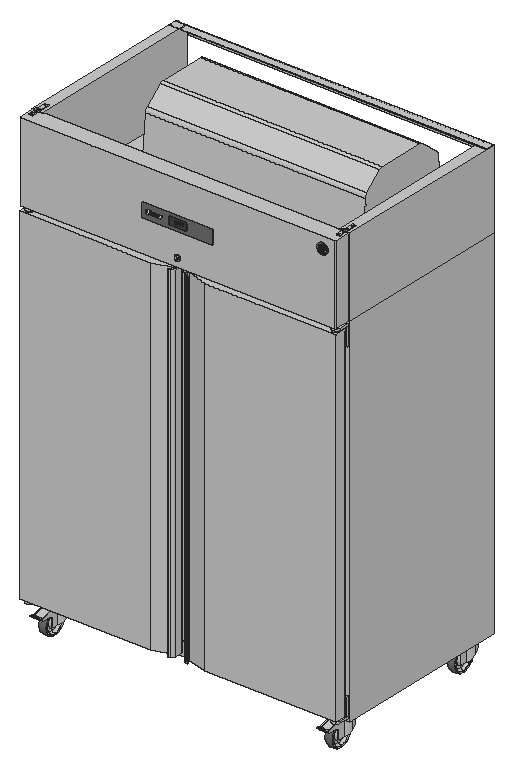
Revit family "QF_HOSHIZAKI_133142090", category Specialty Equipment, Revit 2016
Family settings
  Part Type = Normal
  Round Connector Dimension = Use Diameter
  OmniClass Number = 23.40.40.14
  OmniClass Title = Food Service Equipment
  Work Plane-Based = No
  Always vertical = Yes
  Cut with Voids When Loaded = No
  Shared = No
  Room Calculation Point = No
Parameters (values of type "133142090_230V/1Ph/50Hz")
  Weight = 183.00 kg
  Volts = 230 V
  URL Cutsheet = ""
  URL = "www.hoshizaki-europe.com"
  Status [instance] = ""
  Specification by User [instance] = ""
  Specification by Manufacturer [instance] = ""
  Serial Number = ""
  Seismic Rating = ""
  SMACNA No = ""
  Revision Code [instance] = ""
  Phase = 1
  Number of Poles = 2
  NAFEM Spec ID Number = ""
  Model = "ADVANCE F 140-4 C U"
  Min Ckt Ampacity = 0 A
  Max Overcurrent Protection = 0 A
  Masterspec = ""
  Manufacturer = "HOSHIZAKI"
  Length Actual = 1344 mm
  Item Number [instance] = ""
  Installed By [instance] = ""
  Identify Quantity as Lot [instance] = no
  Height Actual = 2000 mm
  HP power = ""
  Furnished By [instance] = ""
  Foodservice Equipment Identifier [instance] = yes
  FL Amps = 46.08 A
  Electric power = 10600 W
  Electric Connection Type [instance] = ""
  Elec Conn RI Height [instance] = 0 mm
  Elec Conn Connection Height [instance] = 1550 mm
  Description = "ADVANCE DOUBLE DOOR FREEZER, 2/1 DEEP, AISI430 STAINLESS STEEL EXTERIOR AND INTERIOR, HC NATURAL REFRIGERANT, CASTORS"
  Depth Actual = 830 mm
  Cycle = 50 Hz
  Cost = 0
  Conn Plug = ""
  Conn Conduit = no
  CSI MasterFormat = ""
  Assembly Code = "E1090320"
  Apparent Power = 10600 VA
  Accessory = no
Reference planes
  plane 1 "Center (Front/Back)": y = 0
  plane 2: z = 0
  plane 3 "Center (Left/Right)": x = 0
Forms (mm)
  Extrusion 1, solid, not visible
    sketch origin (1314, -2, 1674) x (1, 0, 0) y (0, 1, 0)
      loop
        line (0, 0) -> (2, 0) -> (2, 2) -> (0, 2) -> (0, 0)
    from 0 to 2
Dimensions and locks
  aligned and locked: level to plane 2
Nested families
  nested 1: "QF_HOSHIZAKI_133142090_230V_1Ph_50Hz" at (0, 0, 125), type "133142090_230V/1Ph/50Hz"
    with Show Logo yes, Show Clearance yes
  nested 2: "QF_HOSHIZAKI_PRE_ADV_CASTORS" at (0, 0, 0), type "760660022-1344X830"
Connectors
  electrical at (1315, 0, 1675), driven by "Apparent Power", driven by "Number of Poles", driven by "Volts"
    settings: on Extrusion 1, index 1, voltage 230 V, apparent load 0 VA, apparent load phase1 10600 VA, apparent load phase2 0 VA, apparent load phase3 0 VA, power factor 1, load classification "Other", number of poles 2, system type 31, power factor state 1, is connector primary yes, connector utility no, sub classification motor no, connector description "Electric connection for '133142090'"
Definition of nested family "QF_HOSHIZAKI_133142090_230V_1Ph_50Hz"
  Parameters (values of type "133142090_230V/1Ph/50Hz")
    URL = "www.hoshizaki-europe.com"
    Show Logo [instance] = yes
    Show Clearance [instance] = yes
    Model = "ADVANCE F 140-4 C U"
    Manufacturer = "HOSHIZAKI"
    Description = "ADVANCE DOUBLE DOOR FREEZER, 2/1 DEEP, AISI 304 STAINLESS STEEL EXTERIOR AND INTERIOR, HC NATURAL REFRIGERANT, CASTORS"
    Assembly Code = "E1090320"
  Types (6, lengths in mm): name | Model | Description
    131141070 | "ADVANCE K 140-4 L" | "ADVANCE DOUBLE DOOR REFRIGERATOR, 2/1 GN DEEP, AISI 304 STAINLESS STEEL EXTERIOR AND INTERIOR, HC NATURAL REFRIGERANT, LEGS"
    133141070 | "ADVANCE F 140-4 L" | "ADVANCE DOUBLE DOOR FREEZER, 2/1 DEEP, AISI 304 STAINLESS STEEL EXTERIOR AND INTERIOR, HC NATURAL REFRIGERANT, LEGS"
    123142070 | "ADVANCE F 140-3 C" | "ADVANCE DOUBLE DOOR FREEZER, 2/1 DEEP, AISI 403 STAINLESS STEEL EXTERIOR AND INTERIOR, HC NATURAL REFRIGERANT, CASTORS"
    131142090 | "ADVANCE K 140-4 C U" | "ADVANCE DOUBLE DOOR REFRIGERATOR, 2/1 GN DEEP, AISI 304 STAINLESS STEEL EXTERIOR AND INTERIOR, HC NATURAL REFRIGERANT, CASTORS"
    133142090_230V/1Ph/50Hz | "ADVANCE F 140-4 C U" | "ADVANCE DOUBLE DOOR FREEZER, 2/1 DEEP, AISI 304 STAINLESS STEEL EXTERIOR AND INTERIOR, HC NATURAL REFRIGERANT, CASTORS"
    12142070 | "ADVANCE K 140-3 C" | "ADVANCE DOUBLE DOOR REFRIGERATOR, 2/1 GN DEEP, AISI 403 STAINLESS STEEL EXTERIOR AND INTERIOR, HC NATURAL REFRIGERANT, CASTORS"
  Reference planes
    plane 1 "Back": y = 0
    plane 2: z = 0
    plane 3 "Left": x = 0
    plane 4 "Right": x = 1344
    plane 5 "Front": y = -830.03
    plane 6 "Top": z = 1850
  Forms (mm)
    Extrusion 1, solid
      sketch origin (653.43, 17.68, 1850) x (1, 0, 0) y (0, 1, 0)
        loop
          line (675.57, -773.038) -> (675.57, -726.21) -> (660.57, -726.21) -> (660.57, -773.038) -> (675.57, -773.038)
        loop
          circle (668.07, -734.247) r 1.711
        loop
          circle (668.07, -765.001) r 1.711
      from 0 to 2
    Extrusion 2, solid
      sketch origin (653.43, -41.179, 1850) x (1, 0, 0) y (0, 1, 0)
        loop
          line (675.57, -752.351) -> (675.57, -720.851) -> (660.57, -720.851) -> (660.57, -752.351) -> (675.57, -752.351)
        loop
          circle (668.07, -727.851) r 1.711
        loop
          circle (668.07, -745.351) r 1.711
      from 0 to 2
    Extrusion 3, solid
      sketch origin (1314, 17.68, -100.1) x (0, 1, 0) y (0, 0, 1)
        loop
          arc (-776.21, 1952.1) -> (-777.016, 1954.865) -> (-774.851, 1952.966) r 1.5
          line (-774.851, 1952.966) -> (-772.968, 1952.281)
          arc (-772.968, 1952.281) -> (-778.164, 1956.504) -> (-776.21, 1950.1) r 3.5
          line (-776.21, 1950.1) -> (-773.038, 1950.1) -> (-773.038, 1952.1) -> (-776.21, 1952.1)
      from 0 to 15
    Extrusion 4, solid
      sketch origin (-645.57, 17.68, 1850) x (1, 0, 0) y (0, 1, 0)
        loop
          line (675.57, -773.038) -> (675.57, -726.21) -> (660.57, -726.21) -> (660.57, -773.038) -> (675.57, -773.038)
        loop
          circle (668.07, -734.247) r 1.711
        loop
          circle (668.07, -765.001) r 1.711
      from 0 to 2
    Extrusion 5, solid
      sketch origin (-645.57, -41.179, 1850) x (1, 0, 0) y (0, 1, 0)
        loop
          line (675.57, -752.351) -> (675.57, -720.851) -> (660.57, -720.851) -> (660.57, -752.351) -> (675.57, -752.351)
        loop
          circle (668.07, -727.851) r 1.711
        loop
          circle (668.07, -745.351) r 1.711
      from 0 to 2
    Extrusion 6, solid
      sketch origin (15, 17.68, -100.1) x (0, 1, 0) y (0, 0, 1)
        loop
          arc (-776.21, 1952.1) -> (-777.016, 1954.865) -> (-774.851, 1952.966) r 1.5
          line (-774.851, 1952.966) -> (-772.968, 1952.281)
          arc (-772.968, 1952.281) -> (-778.164, 1956.504) -> (-776.21, 1950.1) r 3.5
          line (-776.21, 1950.1) -> (-773.038, 1950.1) -> (-773.038, 1952.1) -> (-776.21, 1952.1)
      from 0 to 15
    Extrusion 7, solid
      sketch origin (0, 0, -100) x (0, 1, 0) y (0, 0, 1)
        loop
          line (-760.03, 1617.5) -> (0, 1617.5) -> (0, 1948.5)
          arc (0, 1948.5) -> (-0.439, 1949.561) -> (-1.5, 1950) r 1.5
          line (-1.5, 1950) -> (-759.38, 1950)
          arc (-759.38, 1950) -> (-759.84, 1949.81) -> (-760.03, 1949.35) r 0.65
          line (-760.03, 1949.35) -> (-760.03, 1617.5)
      from 0 to 45
    Extrusion 8, solid
      sketch origin (1299, 0, -100) x (0, 1, 0) y (0, 0, 1)
        loop
          line (-760.03, 1617.5) -> (0, 1617.5) -> (0, 1948.5)
          arc (0, 1948.5) -> (-0.439, 1949.561) -> (-1.5, 1950) r 1.5
          line (-1.5, 1950) -> (-759.38, 1950)
          arc (-759.38, 1950) -> (-759.84, 1949.81) -> (-760.03, 1949.35) r 0.65
          line (-760.03, 1949.35) -> (-760.03, 1617.5)
      from 0 to 45
    Extrusion 9, solid
      sketch origin (0, 1.5, -100.1) x (0, 1, 0) y (0, 0, 1)
        loop
          line (-1.51, 1951.6) -> (-38.51, 1951.6) -> (-38.51, 1950.1) -> (-3, 1950.1)
          arc (-3, 1950.1) -> (-1.939, 1949.661) -> (-1.5, 1948.6) r 1.5
          line (-1.5, 1948.6) -> (-1.5, 1914.7) -> (0, 1914.7) -> (0, 1950.09)
          arc (0, 1950.09) -> (-0.442, 1951.158) -> (-1.51, 1951.6) r 1.51
      from 1.06 to 1343.06
    Extrusion 10, solid
      sketch origin (0, 17.57, 1849.9) x (1, 0, 0) y (0, 1, 0)
        loop
          line (4.5, -778.8) -> (4.5, -842.7)
          arc (4.5, -842.7) -> (5.935, -846.165) -> (9.4, -847.6) r 4.9
          line (9.4, -847.6) -> (1334.6, -847.6)
          arc (1334.6, -847.6) -> (1338.065, -846.165) -> (1339.5, -842.7) r 4.9
          line (1339.5, -842.7) -> (1339.5, -778.8)
          arc (1339.5, -778.8) -> (1339.149, -777.951) -> (1338.3, -777.6) r 1.2
          line (1338.3, -777.6) -> (5.7, -777.6)
          arc (5.7, -777.6) -> (4.851, -777.951) -> (4.5, -778.8) r 1.2
      from -332.4 to 0.1
    Extrusion 11, solid
      sketch origin (0, 0, -100) x (1, 0, 0) y (0, 0, 1)
        loop
          line (45, 1638.52) -> (45, 1617.5) -> (1299, 1617.5) -> (1299, 1638.52) -> (45, 1638.52)
      from 0 to 760.03
    Extrusion 12, solid
      sketch origin (0, 0, 0) x (1, 0, 0) y (0, 0, 1)
        loop
          line (0, 1517.5) -> (0, 0) -> (1344, 0) -> (1344, 1517.5) -> (0, 1517.5)
        loop
          line (60, 1457.5) -> (60, 60) -> (1284, 60) -> (1284, 1457.5) -> (60, 1457.5)
      from 0 to 760.03
    Extrusion 13, solid
      sketch origin (0, 0, 0) x (1, 0, 0) y (0, 0, 1)
        loop
          line (60, 60) -> (1284, 60) -> (1284, 1457.5) -> (60, 1457.5) -> (60, 60)
      from 0 to 45
    Extrusion 14, solid
      sketch origin (0, -660.03, 0) x (1, 0, 0) y (0, 0, 1)
        loop
          line (630, 1457.5) -> (630, 60) -> (714, 60) -> (714, 1457.5) -> (630, 1457.5)
      from 0 to 100
    Extrusion 15, solid
      sketch origin (672, -795.027, 27.1) x (-1, 0, 0) y (0, 0, -1)
        loop
          line (637.933, -1453.343) -> (637.933, -14.657) -> (53.047, -14.657) -> (53.047, -1453.343) -> (637.933, -1453.343)
        loop
          line (73.047, -1433.343) -> (617.933, -1433.343) -> (617.933, -34.657) -> (73.047, -34.657) -> (73.047, -1433.343)
      from -34.997 to -15.007
    Extrusion 16, solid
      sketch origin (686.75, -756.398, 1495.1) x (-1, 0, 0) y (0, -1, 0)
        loop
          line (646.35, 3.632) -> (678.35, 3.632) -> (678.35, 45.629)
          arc (678.35, 45.629) -> (662.35, 61.629) -> (646.35, 45.629) r 16
          line (646.35, 45.629) -> (646.35, 3.632)
        loop
          circle (662.35, 45.629) r 5
      from 2.9 to 9.9
    Extrusion 17, solid
      sketch origin (686.75, -757.401, -74.9) x (0, 1, 0) y (0, 0, -1)
        loop
          line (-9.129, -1500.199) -> (-9.129, -1572.9) -> (-2.629, -1572.9) -> (-2.629, -1493.9) -> (-4.629, -1493.9) -> (-9.129, -1500.199)
      from 646.35 to 678.35
    Extrusion 18, solid
      sketch origin (686.75, -756.398, 1495.1) x (-1, 0, 0) y (0, -1, 0)
        loop
          circle (662.35, 45.629) r 16
      from 0 to 2.9
    Extrusion 19, solid
      sketch origin (686.75, -756.398, 1495.1) x (-1, 0, 0) y (0, -1, 0)
        loop
          circle (662.35, 45.629) r 5
      from 0 to 9.9
    Extrusion 20, solid
      sketch origin (686.75, -756.398, 25.1) x (-1, 0, 0) y (0, -1, 0)
        loop
          line (602.25, 32.879) -> (677.25, 32.879) -> (677.25, 58.379) -> (602.25, 58.379) -> (602.25, 32.879)
        loop
          circle (636.875, 45.629) r 5
        loop
          circle (611.525, 45.629) r 5
      from 0 to 2
    Extrusion 21, solid
      sketch origin (686.75, -756.398, 7.1) x (0, 1, 0) y (-1, 0, 0)
        loop
          line (-3.632, 646.35) -> (-3.632, 678.35) -> (-45.629, 678.35)
          arc (-45.629, 678.35) -> (-61.629, 662.35) -> (-45.629, 646.35) r 16
          line (-45.629, 646.35) -> (-3.632, 646.35)
        loop
          circle (-45.629, 662.35) r 5
      from 2.9 to 9.9
    Extrusion 22, solid
      sketch origin (686.75, -757.401, 1589.9) x (0, 1, 0) y (0, 0, -1)
        loop
          line (-9.129, 1500.199) -> (-4.629, 1493.9) -> (-2.629, 1493.9) -> (-2.629, 1572.9) -> (-9.129, 1572.9) -> (-9.129, 1500.199)
      from 646.35 to 678.35
    Extrusion 23, solid
      sketch origin (686.75, -756.398, 9) x (0, 1, 0) y (-1, 0, 0)
        loop
          circle (-45.629, 662.35) r 5
      from 0 to 16.1
    Extrusion 24, solid
      sketch origin (774.882, -873.184, 27.1) x (-1, 0, 0) y (0, -1, 0)
        loop
          arc (769.772, -93.164) -> (770.203, -92.985) -> (770.382, -92.554) r 0.61
          line (770.382, -92.554) -> (770.382, -43.764)
          arc (770.382, -43.764) -> (770.203, -43.333) -> (769.772, -43.154) r 0.61
          line (769.772, -43.154) -> (216.079, -43.154) -> (127.057, -70.711) -> (127.057, -60.1)
          arc (127.057, -60.1) -> (129.536, -52.667) -> (135.929, -48.138) r 12.598
          line (135.929, -48.138) -> (143.363, -45.837)
          arc (143.363, -45.837) -> (143.923, -44.774) -> (142.86, -44.213) r 0.85
          line (142.86, -44.213) -> (135.209, -46.581)
          arc (135.209, -46.581) -> (128.081, -51.647) -> (125.349, -59.955) r 14
          line (125.349, -59.955) -> (125.349, -92.354)
          arc (125.349, -92.354) -> (125.586, -92.927) -> (126.159, -93.164) r 0.81
          line (126.159, -93.164) -> (769.772, -93.164)
      from 0 to 1468
    Extrusion 25, solid
      sketch origin (672, -795.027, 27.1) x (1, 0, 0) y (0, 0, 1)
        loop
          line (637.933, 1453.343) -> (53.047, 1453.343) -> (53.047, 14.657) -> (637.933, 14.657) -> (637.933, 1453.343)
        loop
          line (73.047, 1433.343) -> (73.047, 34.657) -> (617.933, 34.657) -> (617.933, 1433.343) -> (73.047, 1433.343)
      from -34.997 to -15.007
    Extrusion 26, solid
      sketch origin (657.25, -756.398, 1495.1) x (1, 0, 0) y (0, 1, 0)
        loop
          line (646.35, -3.632) -> (646.35, -45.629)
          arc (646.35, -45.629) -> (662.35, -61.629) -> (678.35, -45.629) r 16
          line (678.35, -45.629) -> (678.35, -3.632) -> (646.35, -3.632)
        loop
          circle (662.35, -45.629) r 5
      from 2.9 to 9.9
    Extrusion 27, solid
      sketch origin (657.25, -757.401, -74.9) x (0, 1, 0) y (0, 0, 1)
        loop
          line (-9.129, 1500.199) -> (-4.629, 1493.9) -> (-2.629, 1493.9) -> (-2.629, 1572.9) -> (-9.129, 1572.9) -> (-9.129, 1500.199)
      from 646.35 to 678.35
    Extrusion 28, solid
      sketch origin (657.25, -756.398, 1495.1) x (1, 0, 0) y (0, 1, 0)
        loop
          circle (662.35, -45.629) r 16
      from 0 to 2.9
    Extrusion 29, solid
      sketch origin (657.25, -756.398, 1495.1) x (1, 0, 0) y (0, 1, 0)
        loop
          circle (662.35, -45.629) r 5
      from 0 to 9.9
    Extrusion 30, solid
      sketch origin (657.25, -756.398, 25.1) x (1, 0, 0) y (0, 1, 0)
        loop
          line (602.25, -32.879) -> (602.25, -58.379) -> (677.25, -58.379) -> (677.25, -32.879) -> (602.25, -32.879)
        loop
          circle (636.875, -45.629) r 5
        loop
          circle (611.525, -45.629) r 5
      from 0 to 2
    Extrusion 31, solid
      sketch origin (657.25, -756.398, 7.1) x (0, -1, 0) y (1, 0, 0)
        loop
          line (3.632, 646.35) -> (45.629, 646.35)
          arc (45.629, 646.35) -> (61.629, 662.35) -> (45.629, 678.35) r 16
          line (45.629, 678.35) -> (3.632, 678.35) -> (3.632, 646.35)
        loop
          circle (45.629, 662.35) r 5
      from 2.9 to 9.9
    Extrusion 32, solid
      sketch origin (657.25, -757.401, 1589.9) x (0, 1, 0) y (0, 0, 1)
        loop
          line (-9.129, -1500.199) -> (-9.129, -1572.9) -> (-2.629, -1572.9) -> (-2.629, -1493.9) -> (-4.629, -1493.9) -> (-9.129, -1500.199)
      from 646.35 to 678.35
    Extrusion 33, solid
      sketch origin (657.25, -756.398, 9) x (0, -1, 0) y (1, 0, 0)
        loop
          circle (45.629, 662.35) r 5
      from 0 to 16.1
    Extrusion 34, solid
      sketch origin (569.118, -873.184, 27.1) x (1, 0, 0) y (0, 1, 0)
        loop
          line (769.772, 93.164) -> (126.159, 93.164)
          arc (126.159, 93.164) -> (125.586, 92.927) -> (125.349, 92.354) r 0.81
          line (125.349, 92.354) -> (125.349, 59.955)
          arc (125.349, 59.955) -> (128.081, 51.647) -> (135.209, 46.581) r 14
          line (135.209, 46.581) -> (142.86, 44.213)
          arc (142.86, 44.213) -> (143.923, 44.774) -> (143.363, 45.837) r 0.85
          line (143.363, 45.837) -> (135.929, 48.138)
          arc (135.929, 48.138) -> (129.536, 52.667) -> (127.057, 60.1) r 12.598
          line (127.057, 60.1) -> (127.057, 70.711) -> (216.079, 43.154) -> (769.772, 43.154)
          arc (769.772, 43.154) -> (770.203, 43.333) -> (770.382, 43.764) r 0.61
          line (770.382, 43.764) -> (770.382, 92.554)
          arc (770.382, 92.554) -> (770.203, 92.985) -> (769.772, 93.164) r 0.61
      from 0 to 1468
    Extrusion 35, solid
      sketch origin (-12.78, 0, -100) x (0, 1, 0) y (0, 0, 1)
        loop
          arc (-113.281, 1932.651) -> (-120.8, 1936.992) -> (-129.35, 1938.5) r 25
          line (-129.35, 1938.5) -> (-324.65, 1938.5)
          arc (-324.65, 1938.5) -> (-333.2, 1936.992) -> (-340.719, 1932.651) r 25
          line (-340.719, 1932.651) -> (-408.922, 1875.423)
          arc (-408.922, 1875.423) -> (-415.027, 1867.815) -> (-417.757, 1858.45) r 25
          line (-417.757, 1858.45) -> (-436.998, 1638.52) -> (-17.002, 1638.52) -> (-36.243, 1858.45)
          arc (-36.243, 1858.45) -> (-38.973, 1867.815) -> (-45.078, 1875.423) r 25
          line (-45.078, 1875.423) -> (-113.281, 1932.651)
      from 219.97 to 1149.59
    Extrusion 36, solid, visible <- "Show Logo"
      sketch origin (1743.884, -828.53, -60.1) x (-1, 0, 0) y (0, 0, -1)
        loop
          circle (459.884, -1862.5) r 13.99
      from 0 to 2.5
    Extrusion 37, solid, visible <- "Show Logo"
      sketch origin (1743.884, -829.03, -60.1) x (-1, 0, 0) y (0, 0, -1)
        loop
          circle (459.884, -1862.5) r 15
        loop
          arc (446.884, -1862.5) -> (460.705, -1875.474) -> (472.781, -1860.863) r 13
          line (472.781, -1860.863) -> (470.355, -1858.437) -> (469.346, -1862.201) -> (466.355, -1863.928) -> (465.024, -1865.26) -> (463.375, -1865.26) -> (462.04, -1870.241) -> (457.755, -1870.241) -> (459.339, -1867.979) -> (460.402, -1864.014) -> (461.224, -1860.945) -> (462.416, -1856.497) -> (461.216, -1855.297) -> (459.433, -1857.843) -> (455.784, -1851.523) -> (460.361, -1851.523) -> (461.471, -1853.446) -> (469.213, -1853.446)
          arc (469.213, -1853.446) -> (460.394, -1849.51) -> (451.293, -1852.743) r 13
          line (451.293, -1852.743) -> (455.577, -1853.891) -> (453.752, -1856.497) -> (455.349, -1856.497) -> (454.477, -1866.459) -> (452.538, -1866.459) -> (446.884, -1862.5)
        loop
          line (447.853, -1857.467) -> (452.313, -1861.926) -> (450.144, -1853.891)
          arc (450.144, -1853.891) -> (448.878, -1855.602) -> (447.853, -1857.467) r 15.828
        loop
          line (463.583, -1862.877) -> (466.64, -1862.399) -> (464.901, -1861.285) -> (463.583, -1857.664) -> (463.583, -1862.877)
        loop
          line (464.827, -1855.979) -> (468.296, -1856.908) -> (469.573, -1854.916) -> (468.881, -1854.224) -> (467.914, -1855.035) -> (464.827, -1855.979)
        loop
          line (462.609, -1872.307) -> (462.609, -1874.009) -> (464.927, -1873.388) -> (462.609, -1872.307)
        loop
          line (460.361, -1874.662) -> (459.594, -1873.335) -> (460.801, -1872.638) -> (459.186, -1872.205) -> (458.298, -1874.11) -> (460.361, -1874.662)
        loop
          line (459.623, -1846.783) -> (460.706, -1845.701) -> (462.247, -1845.701) -> (461.191, -1844.645) -> (461.503, -1842.874) -> (459.623, -1843.959) -> (457.743, -1842.874) -> (458.055, -1844.645) -> (456.999, -1845.701) -> (458.54, -1845.701) -> (459.623, -1846.783)
        loop
          line (446.86, -1853.7) -> (446.594, -1852.191) -> (447.478, -1850.929) -> (446.007, -1851.188) -> (444.736, -1849.917) -> (444.547, -1852.08) -> (442.579, -1852.997) -> (444.209, -1853.757) -> (444.468, -1855.228) -> (445.352, -1853.965) -> (446.86, -1853.7)
        loop
          line (452.395, -1848.68) -> (452.856, -1847.219) -> (454.223, -1846.508) -> (452.799, -1846.059) -> (452.258, -1844.344) -> (451.091, -1846.175) -> (448.922, -1846.08) -> (450.017, -1847.507) -> (449.568, -1848.931) -> (450.935, -1848.219) -> (452.395, -1848.68)
        loop
          line (472.909, -1853.7) -> (474.417, -1853.965) -> (475.301, -1855.228) -> (475.56, -1853.757) -> (477.19, -1852.997) -> (475.222, -1852.08) -> (475.033, -1849.917) -> (473.761, -1851.188) -> (472.291, -1850.929) -> (473.175, -1852.191) -> (472.909, -1853.7)
        loop
          line (467.374, -1848.68) -> (468.834, -1848.219) -> (470.201, -1848.931) -> (469.752, -1847.507) -> (470.847, -1846.08) -> (468.678, -1846.175) -> (467.511, -1844.344) -> (466.97, -1846.059) -> (465.546, -1846.508) -> (466.913, -1847.219) -> (467.374, -1848.68)
      from 0 to 2.5
    Extrusion 38, solid, visible <- "Show Logo"
      sketch origin (1743.884, -829.03, -60.1) x (-1, 0, 0) y (0, 0, -1)
        loop
          line (462.609, -1874.009) -> (462.609, -1872.307) -> (462.085, -1870.241) -> (457.755, -1870.241) -> (459.339, -1867.979) -> (462.416, -1856.497) -> (461.216, -1855.297) -> (459.433, -1857.843) -> (455.808, -1851.565) -> (453.948, -1851.565) -> (455.577, -1853.891) -> (454.477, -1866.459) -> (456.345, -1871.339)
          arc (456.345, -1871.339) -> (456.868, -1874.025) -> (459.213, -1875.435) r 3.366
          arc (459.213, -1875.435) -> (460.198, -1875.496) -> (461.183, -1875.435) r 8.046
          line (461.183, -1875.435) -> (462.609, -1874.009)
        loop
          line (456.854, -1851.523) -> (460.361, -1851.523) -> (460.916, -1852.485) -> (462.702, -1852.485) -> (463.779, -1851.407) -> (460.623, -1851.407) -> (461.563, -1850.468) -> (456.245, -1850.468) -> (456.854, -1851.523)
        loop
          line (460.361, -1874.662) -> (459.594, -1873.335) -> (460.801, -1872.638) -> (459.186, -1872.205) -> (458.298, -1874.11) -> (460.361, -1874.662)
      from 0 to 2.5
    Extrusion 39, solid, visible <- "Show Logo"
      sketch origin (1729.5, -828.53, 1238.8) x (-1, 0, 0) y (0, 0, -1)
        loop
          circle (445.5, -563.6) r 22.5
      from 0 to 2
    Extrusion 40, solid
      sketch origin (964.076, -828.53, -100.11) x (1, 0, 0) y (0, 0, 1)
        loop
          arc (-147.076, 1752.13) -> (-143.541, 1753.594) -> (-142.076, 1757.13) r 5
          line (-142.076, 1757.13) -> (-142.076, 1807.13)
          arc (-142.076, 1807.13) -> (-143.541, 1810.666) -> (-147.076, 1812.13) r 5
          line (-147.076, 1812.13) -> (-437.076, 1812.13)
          arc (-437.076, 1812.13) -> (-440.612, 1810.666) -> (-442.076, 1807.13) r 5
          line (-442.076, 1807.13) -> (-442.076, 1757.13)
          arc (-442.076, 1757.13) -> (-440.612, 1753.594) -> (-437.076, 1752.13) r 5
          line (-437.076, 1752.13) -> (-147.076, 1752.13)
        loop
          line (-329.576, 1792.63) -> (-329.576, 1771.63)
          arc (-329.576, 1771.63) -> (-327.819, 1767.387) -> (-323.576, 1765.63) r 6
          line (-323.576, 1765.63) -> (-260.576, 1765.63)
          arc (-260.576, 1765.63) -> (-256.334, 1767.387) -> (-254.576, 1771.63) r 6
          line (-254.576, 1771.63) -> (-254.576, 1792.63)
          arc (-254.576, 1792.63) -> (-256.334, 1796.873) -> (-260.576, 1798.63) r 6
          line (-260.576, 1798.63) -> (-323.576, 1798.63)
          arc (-323.576, 1798.63) -> (-327.819, 1796.873) -> (-329.576, 1792.63) r 6
      from 0 to 2
    Extrusion 41, solid
      sketch origin (964.076, -828.53, -100.11) x (1, 0, 0) y (0, 0, 1)
        loop
          arc (-323.576, 1798.63) -> (-327.819, 1796.873) -> (-329.576, 1792.63) r 6
          line (-329.576, 1792.63) -> (-329.576, 1771.63)
          arc (-329.576, 1771.63) -> (-327.819, 1767.387) -> (-323.576, 1765.63) r 6
          line (-323.576, 1765.63) -> (-260.576, 1765.63)
          arc (-260.576, 1765.63) -> (-256.334, 1767.387) -> (-254.576, 1771.63) r 6
          line (-254.576, 1771.63) -> (-254.576, 1792.63)
          arc (-254.576, 1792.63) -> (-256.334, 1796.873) -> (-260.576, 1798.63) r 6
          line (-260.576, 1798.63) -> (-323.576, 1798.63)
      from 0 to 2
    Extrusion 42, solid
      sketch origin (964.076, -829.03, -100.11) x (1, 0, 0) y (0, 0, 1)
        loop
          line (-298.911, 1787.691) -> (-298.115, 1788.439) -> (-298.929, 1789.206) -> (-304.501, 1789.206) -> (-305.3, 1788.422) -> (-304.534, 1787.691) -> (-298.911, 1787.691)
        loop
          line (-296.938, 1787.449) -> (-297.831, 1788.111) -> (-298.725, 1787.449) -> (-298.725, 1783.432) -> (-297.831, 1782.769) -> (-296.938, 1783.432) -> (-296.938, 1787.449)
        loop
          line (-298.911, 1777.181) -> (-304.534, 1777.181) -> (-305.3, 1776.45) -> (-304.501, 1775.666) -> (-298.929, 1775.666) -> (-298.115, 1776.432) -> (-298.911, 1777.181)
        loop
          line (-296.938, 1777.423) -> (-296.938, 1781.44) -> (-297.831, 1782.103) -> (-298.725, 1781.44) -> (-298.725, 1777.423) -> (-297.831, 1776.761) -> (-296.938, 1777.423)
        loop
          line (-298.911, 1783.189) -> (-304.534, 1783.189) -> (-305.3, 1782.459) -> (-304.501, 1781.675) -> (-298.929, 1781.675) -> (-298.115, 1782.441) -> (-298.911, 1783.189)
        loop
          line (-270.911, 1787.691) -> (-270.115, 1788.439) -> (-270.929, 1789.206) -> (-276.501, 1789.206) -> (-277.3, 1788.422) -> (-276.534, 1787.691) -> (-270.911, 1787.691)
        loop
          line (-268.938, 1787.449) -> (-269.831, 1788.111) -> (-270.725, 1787.449) -> (-270.725, 1783.432) -> (-269.831, 1782.769) -> (-268.938, 1783.432) -> (-268.938, 1787.449)
        loop
          line (-268.938, 1777.423) -> (-268.938, 1781.44) -> (-269.831, 1782.103) -> (-270.725, 1781.44) -> (-270.725, 1777.423) -> (-269.831, 1776.761) -> (-268.938, 1777.423)
        loop
          line (-294.968, 1776.333) -> (-293.829, 1775.386) -> (-292.676, 1776.348) -> (-293.829, 1777.28) -> (-294.968, 1776.333)
        loop
          line (-282.911, 1777.226) -> (-288.534, 1777.226) -> (-289.3, 1776.496) -> (-288.501, 1775.712) -> (-282.929, 1775.712) -> (-282.115, 1776.478) -> (-282.911, 1777.226)
        loop
          line (-280.938, 1777.469) -> (-280.938, 1781.486) -> (-281.831, 1782.148) -> (-282.725, 1781.486) -> (-282.725, 1777.469) -> (-281.831, 1776.806) -> (-280.938, 1777.469)
        loop
          line (-282.911, 1787.737) -> (-282.115, 1788.485) -> (-282.929, 1789.251) -> (-288.501, 1789.251) -> (-289.3, 1788.467) -> (-288.534, 1787.737) -> (-282.911, 1787.737)
        loop
          line (-280.938, 1787.494) -> (-281.831, 1788.157) -> (-282.725, 1787.494) -> (-282.725, 1783.477) -> (-281.831, 1782.815) -> (-280.938, 1783.477) -> (-280.938, 1787.494)
        loop
          line (-282.911, 1781.728) -> (-282.115, 1782.476) -> (-282.929, 1783.243) -> (-288.501, 1783.243) -> (-289.3, 1782.459) -> (-288.534, 1781.728) -> (-282.911, 1781.728)
        loop
          line (-290.492, 1787.494) -> (-290.492, 1783.477) -> (-289.599, 1782.815) -> (-288.705, 1783.477) -> (-288.705, 1787.494) -> (-289.599, 1788.157) -> (-290.492, 1787.494)
      from 0 to 2
    Revolve 43, solid
      sketch origin (672, 917.57, -100.11) x (0, 1, 0) y (0, 0, 1)
        loop
          line (-1752.6, 1652.1) -> (-1747.6, 1652.1) -> (-1747.6, 1662.634)
          arc (-1747.6, 1662.634) -> (-1748.329, 1663.731) -> (-1749.631, 1663.534) r 1.226
          line (-1749.631, 1663.534) -> (-1752.6, 1660.565) -> (-1752.6, 1652.1)
        axis (-1747.6, 1652.1) -> (-1752.6, 1652.1)
      angle from 0 to 360
    Extrusion 44, void
      sketch origin (-473.06, -833.53, -101.61) x (1, 0, 0) y (0, 0, 1)
        loop
          line (1143.96, 1657.815) -> (1143.96, 1649.385) -> (1146.16, 1649.385) -> (1146.16, 1657.815) -> (1143.96, 1657.815)
      from -1.469 to 2
    Extrusion 45, solid, visible <- "Show Logo"
      sketch origin (1132.623, -829.03, -98.186) x (1, 0, 0) y (0, 0, 1)
        loop
          line (-574.302, 1788.729) -> (-583.131, 1788.729)
          arc (-583.131, 1788.729) -> (-589.303, 1787.599) -> (-594.673, 1784.355) r 17.416
          arc (-594.673, 1784.355) -> (-596.462, 1781.094) -> (-595.769, 1777.439) r 5.506
          arc (-595.769, 1777.439) -> (-593.146, 1774.866) -> (-589.587, 1773.956) r 7.07
          line (-589.587, 1773.956) -> (-587.25, 1773.956) -> (-588.248, 1771.34) -> (-581.613, 1771.34) -> (-580.432, 1773.956) -> (-571.398, 1773.956) -> (-569.064, 1779.592) -> (-566.746, 1773.956) -> (-559.715, 1773.956) -> (-557.728, 1776.29) -> (-552.838, 1776.29) -> (-551.953, 1773.956) -> (-545.563, 1773.956) -> (-543.121, 1779.778) -> (-540.707, 1773.914) -> (-533.897, 1779.586) -> (-536.239, 1773.956) -> (-530.603, 1773.956) -> (-526.429, 1784.233) -> (-531.941, 1784.233) -> (-537.329, 1779.747) -> (-539.135, 1784.233) -> (-544.054, 1784.233) -> (-547.268, 1776.58) -> (-550.408, 1784.233) -> (-554.271, 1784.233) -> (-561.118, 1776.477) -> (-561.995, 1776.477) -> (-562.958, 1778.877)
          arc (-562.958, 1778.877) -> (-561.217, 1779.568) -> (-560.011, 1781.001) r 3.84
          arc (-560.011, 1781.001) -> (-560.124, 1783.171) -> (-562.025, 1784.225) r 2.241
          line (-562.025, 1784.225) -> (-573.005, 1784.225) -> (-576.227, 1776.507) -> (-579.37, 1776.507) -> (-576.183, 1784.227) -> (-585.103, 1784.227) -> (-586.099, 1781.742) -> (-583.981, 1781.742) -> (-586.194, 1776.345)
          arc (-586.194, 1776.345) -> (-588.764, 1776.925) -> (-590.188, 1779.141) r 3.476
          arc (-590.188, 1779.141) -> (-590.046, 1780.636) -> (-589.587, 1782.064) r 6.962
          arc (-589.587, 1782.064) -> (-587.018, 1785.071) -> (-583.227, 1786.194) r 6.962
          line (-583.227, 1786.194) -> (-575.446, 1786.194) -> (-574.302, 1788.729)
        loop
          line (-568.201, 1781.677) -> (-568.99, 1779.771) -> (-567.006, 1779.771)
          arc (-567.006, 1779.771) -> (-565.95, 1780.209) -> (-565.513, 1781.264) r 1.493
          arc (-565.513, 1781.264) -> (-565.795, 1781.565) -> (-566.192, 1781.677) r 0.765
          line (-566.192, 1781.677) -> (-568.201, 1781.677)
        loop
          line (-554.482, 1780.63) -> (-556.797, 1778.007) -> (-553.488, 1778.007) -> (-554.482, 1780.63)
      from 0 to 2
    Extrusion 46, solid, visible <- "Show Clearance", detail levels coarse
      sketch origin (0.016, -760.03, 0) x (1, 0, 0) y (0, 1, 0)
        loop
          line (4.5, -70) -> (4.5, -715)
          arc (4.5, -715) -> (460.584, -526.084) -> (649.5, -70) r 645
          line (649.5, -70) -> (4.5, -70)
      from 27.1 to 1495.1
    Extrusion 47, solid, visible <- "Show Clearance", detail levels coarse
      sketch origin (1343.984, -760.03, 0) x (-1, 0, 0) y (0, -1, 0)
        loop
          line (4.5, 70) -> (649.5, 70)
          arc (649.5, 70) -> (460.584, 526.084) -> (4.5, 715) r 645
          line (4.5, 715) -> (4.5, 70)
      from 27.1 to 1495.1
  Cuts and joins
    joined: Extrusion 12, Extrusion 13
    Extrusion 44 cuts Revolve 43
  Lines and regions (mm)
    symbolic lines
      curve 1: line (0, 0, 0) -> (0, -760.03, 0)
      curve 2: line (1344, -760.03, 0) -> (1344, 0, 0)
      curve 3: line (5.11, -830.03, 0) -> (1338.89, -830.03, 0)
      curve 4: line (1344, 0, 0) -> (0, 0, 0)
      curve 5: line (207.19, -37.01, 0) -> (207.19, -436.998, 0)
      curve 6: line (207.19, -436.998, 0) -> (1136.81, -436.998, 0)
      curve 7: line (1136.81, -436.998, 0) -> (1136.81, -37.01, 0)
      curve 8: line (1299, -37.01, 0) -> (1299, -760.03, 0)
      curve 9: line (45, -760.03, 0) -> (45, -37.01, 0)
      curve 10: line (0, -37.01, 0) -> (1344, -37.01, 0)
      curve 11: line (1344, -760.03, 0) -> (0, -760.03, 0)
      curve 12: line (1339.5, -829.42, 0) -> (1339.5, -761.23, 0)
      curve 13: line (4.5, -761.23, 0) -> (4.5, -829.42, 0)
      curve 14: arc (5.7, -760.03, 0) -> (4.851, -760.381, 0) -> (4.5, -761.23, 0) r 1.2
      curve 15: arc (1339.5, -761.23, 0) -> (1339.149, -760.381, 0) -> (1338.3, -760.03, 0) r 1.2
      curve 20: arc (4.5, -829.42, 0) -> (4.679, -829.851, 0) -> (5.11, -830.03, 0) r 0.61
      curve 21: arc (1338.89, -830.03, 0) -> (1339.321, -829.851, 0) -> (1339.5, -829.42, 0) r 0.61
    symbolic lines, visible <- "Show Clearance"
      curve 16: arc (4.516, -1475.03, 0) -> (460.6, -1286.114, 0) -> (649.516, -830.03, 0) r 645
      curve 17: line (4.516, -830.03, 0) -> (4.516, -1475.03, 0)
      curve 18: arc (1339.484, -1475.03, 0) -> (883.4, -1286.114, 0) -> (694.484, -830.03, 0) r 645
      curve 19: line (1339.484, -830.03, 0) -> (1339.484, -1475.03, 0)
  Dimensions and locks
    plane 4 "Right" to plane 3 "Left" = 1344 mm
    plane 6 "Top" to level = 1850 mm  (x2)
    plane 3 "Left" to plane 4 "Right" = 1344 mm
    plane 5 "Front" to plane 1 "Back" = 830.03 mm
    plane 1 "Back" to plane 5 "Front" = 830.03 mm
    aligned and locked: level to plane 2
Definition of nested family "QF_HOSHIZAKI_PRE_ADV_CASTORS"
  Parameters (values of type "760660022-1344X830")
    Weight [instance] = 0.00 kg
    URL Cutsheet [instance] = ""
    URL = "www.hoshizaki-europe.com"
    Status [instance] = ""
    Specification by User [instance] = ""
    Specification by Manufacturer [instance] = ""
    Serial Number [instance] = ""
    Seismic Rating [instance] = ""
    SMACNA No [instance] = ""
    Right offset = 67 mm
    Revision Code [instance] = ""
    Rear offset = 58 mm
    NAFEM Spec ID Number [instance] = ""
    Model = "C1"
    Masterspec [instance] = ""
    Manufacturer = "HOSHIZAKI"
    Length Actual [instance] = 1344 mm
    Length = 1344 mm
    Left offset = 67 mm
    Item Number [instance] = ""
    Installed By [instance] = ""
    Identify Quantity as Lot [instance] = no
    Height Actual [instance] = 125 mm
    Furnished By [instance] = ""
    Front offset = 125 mm
    Foodservice Equipment Identifier [instance] = no
    Description = "SET OF CASTORS 125 MM"
    Depth Actual [instance] = 830 mm
    Depth = 830 mm
    Cost = 0
    CSI MasterFormat [instance] = ""
    Assembly Code = "E1090320"
    Accessory [instance] = yes
  Reference planes
    plane 1 "Back": y = 0
    plane 2: z = 0
    plane 3 "Left": x = 0
    plane 4 "Right": x = 1344
    plane 5 "Front": y = -830
    plane 6 "Top": z = 125
    plane 7 "Central": x = 672
    plane 8 "Left side castors": x = 67
    plane 9 "Right side castors": x = 1277
    plane 10: y = -58
    plane 11: y = -705
  Dimensions and locks
    "Length": plane 3 "Left" to plane 4 "Right"
    "Depth": plane 1 "Back" to plane 5 "Front"
    plane 6 "Top" to plane 2 = 125 mm
    equal spacing: plane 3 "Left", plane 7 "Central", plane 4 "Right"
    "Left offset": plane 3 "Left" to plane 8 "Left side castors"
    "Right offset": plane 9 "Right side castors" to plane 4 "Right"
    "Rear offset": plane 10 to plane 1 "Back"
    "Front offset": plane 11 to plane 5 "Front"
    aligned and locked: level to plane 2
    aligned and locked: nested 1 to plane 11
    aligned and locked: nested 2 to plane 11
    aligned and locked: nested 2 to plane 9 "Right side castors"
    aligned and locked: nested 1 to plane 8 "Left side castors"
    aligned and locked: nested 3 to plane 8 "Left side castors"
    aligned and locked: nested 4 to plane 9 "Right side castors"
    aligned and locked: nested 3 to plane 10
    aligned and locked: nested 4 to plane 10
  Nested families
    nested 1: "QF_ATOSA_CASTORS_BRAKES" at (67, -705, 0), type "CASTORS WITH BRAKES"
    nested 2: "QF_ATOSA_CASTORS_BRAKES" at (1277, -705, 0), type "CASTORS WITH BRAKES"
    nested 3: "QF_ATOSA_CASTORS_WITHOUT_BRAKES" at (67, -58, 0), type "CASTORS"
    nested 4: "QF_ATOSA_CASTORS_WITHOUT_BRAKES" at (1277, -58, 0), type "CASTORS"
  Definition of nested family "QF_ATOSA_CASTORS_BRAKES"
    Reference planes
      plane 1 "Center (Front/Back)": y = 0
      plane 2: z = 0
      plane 3 "Center (Left/Right)": x = 0
    Forms (mm)
      Extrusion 1, solid
        sketch origin (-20.685, -138.446, 9.74) x (0, 1, 0) y (0, 0, 1)
          loop
            arc (82.446, 39.255) -> (85.375, 32.184) -> (92.446, 29.255) r 10
            arc (92.446, 29.255) -> (99.905, 29.776) -> (107.221, 31.328) r 53.702
            line (107.221, 31.328) -> (107.221, 99.255) -> (83.819, 99.255)
            arc (83.819, 99.255) -> (82.458, 99.162) -> (81.123, 98.885) r 10
            line (81.123, 98.885) -> (33.906, 85.664)
            arc (33.906, 85.664) -> (32.852, 84.947) -> (32.446, 83.738) r 2
            line (32.446, 83.738) -> (32.446, 81.179)
            arc (32.446, 81.179) -> (33.888, 77.697) -> (37.369, 76.255) r 4.923
            line (37.369, 76.255) -> (72.446, 76.255)
            arc (72.446, 76.255) -> (79.517, 73.326) -> (82.446, 66.255) r 10
            line (82.446, 66.255) -> (82.446, 39.255)
        from 0 to 3
      Extrusion 2, solid
        sketch origin (-99.985, -138.446, 20.165) x (0, 1, 0) y (0, 0, 1)
          loop
            line (32.761, 70.841) -> (82.995, 84.83) -> (107.221, 84.83) -> (107.221, 86.83) -> (82.72, 86.83) -> (32.631, 72.805)
            arc (32.631, 72.805) -> (30.574, 74.383) -> (28.997, 76.439) r 9.928
            line (28.997, 76.439) -> (27.573, 78.904)
            arc (27.573, 78.904) -> (23.913, 82.565) -> (18.913, 83.904) r 10
            line (18.913, 83.904) -> (11.985, 83.904) -> (11.985, 81.904) -> (17.758, 81.904)
            arc (17.758, 81.904) -> (22.233, 80.83) -> (25.732, 77.841) r 9.856
            line (25.732, 77.841) -> (27.248, 75.467)
            arc (27.248, 75.467) -> (29.65, 72.732) -> (32.761, 70.841) r 12.007
        from 82.3 to 117.67
      Extrusion 3, solid
        sketch origin (147.062, -94.25, 0) x (1, 0, 0) y (0, 1, 0)
          loop
            line (-114.562, 143.5) -> (-179.562, 143.5)
            arc (-179.562, 143.5) -> (-186.633, 140.571) -> (-189.562, 133.5) r 10
            line (-189.562, 133.5) -> (-189.562, 55)
            arc (-189.562, 55) -> (-186.633, 47.929) -> (-179.562, 45) r 10
            line (-179.562, 45) -> (-114.562, 45)
            arc (-114.562, 45) -> (-107.491, 47.929) -> (-104.562, 55) r 10
            line (-104.562, 55) -> (-104.562, 133.5)
            arc (-104.562, 133.5) -> (-107.491, 140.571) -> (-114.562, 143.5) r 10
        from 121.995 to 125
      Extrusion 4, solid
        sketch origin (147.062, -199.25, 0) x (1, 0, 0) y (0, 1, 0)
          loop
            circle (-147.062, 199.25) r 35
          loop
            circle (-147.062, 199.25) r 36.985
        from 20.063 to 121.995
      Extrusion 5, void
        sketch origin (147.062, -398.5, 0) x (0, 1, 0) y (0, 0, 1)
          loop
            line (441.93, 119.401) -> (385.135, 52.666)
            arc (385.135, 52.666) -> (376.943, 45.73) -> (367.275, 41.068) r 42.492
            arc (367.275, 41.068) -> (359.96, 39.516) -> (352.5, 38.995) r 53.702
            line (352.5, 38.995) -> (352.5, 14.696) -> (441.93, 14.696) -> (441.93, 119.401)
        from -189.562 to -104.562
      Revolve 6, solid
        sketch origin (147.062, -35.929, 0) x (1, 0, 0) y (0, 0, 1)
          loop
            line (-164.747, 48.995) -> (-129.377, 48.995) -> (-129.377, 58.995) -> (-131.562, 58.995)
            arc (-131.562, 58.995) -> (-140.754, 62.803) -> (-144.562, 71.995) r 13
            line (-144.562, 71.995) -> (-144.562, 81.557)
            arc (-144.562, 81.557) -> (-141.634, 88.625) -> (-134.566, 91.552) r 9.996
            line (-134.566, 91.552) -> (-131.562, 91.552) -> (-131.562, 93.552) -> (-162.562, 93.552) -> (-162.562, 91.552) -> (-159.557, 91.552)
            arc (-159.557, 91.552) -> (-152.489, 88.625) -> (-149.562, 81.557) r 9.996
            line (-149.562, 81.557) -> (-149.562, 71.995)
            arc (-149.562, 71.995) -> (-153.369, 62.803) -> (-162.562, 58.995) r 13
            line (-162.562, 58.995) -> (-164.747, 58.995) -> (-164.747, 48.995)
          axis (-164.747, 48.995) -> (-129.377, 48.995)
        angle from 0 to 360
      Revolve 7, solid
        sketch origin (147.062, -35.929, 0) x (1, 0, 0) y (0, 0, 1)
          loop
            line (-162.562, 4.438) -> (-162.562, 2.474)
            arc (-162.562, 2.474) -> (-147.062, 0) -> (-131.562, 2.474) r 49.793
            line (-131.562, 2.474) -> (-131.562, 4.438) -> (-162.562, 4.438)
          axis (-162.562, 48.995) -> (-131.562, 48.995)
        angle from 0 to 360
      Extrusion 8, solid
        sketch origin (17.685, -138.446, 9.74) x (0, 1, 0) y (0, 0, 1)
          loop
            arc (82.446, 39.255) -> (85.375, 32.184) -> (92.446, 29.255) r 10
            arc (92.446, 29.255) -> (99.905, 29.776) -> (107.221, 31.328) r 53.702
            line (107.221, 31.328) -> (107.221, 99.255) -> (83.819, 99.255)
            arc (83.819, 99.255) -> (82.458, 99.162) -> (81.123, 98.885) r 10
            line (81.123, 98.885) -> (33.906, 85.664)
            arc (33.906, 85.664) -> (32.852, 84.947) -> (32.446, 83.738) r 2
            line (32.446, 83.738) -> (32.446, 81.179)
            arc (32.446, 81.179) -> (33.888, 77.697) -> (37.369, 76.255) r 4.923
            line (37.369, 76.255) -> (72.446, 76.255)
            arc (72.446, 76.255) -> (79.517, 73.326) -> (82.446, 66.255) r 10
            line (82.446, 66.255) -> (82.446, 39.255)
        from 0 to 3
      Extrusion 9, solid
        sketch origin (-17.685, -138.446, 9.74) x (0, 1, 0) y (0, 0, 1)
          loop
            line (81.123, 98.885) -> (33.906, 85.664)
            arc (33.906, 85.664) -> (32.703, 84.719) -> (32.52, 83.199) r 2
            line (32.52, 83.199) -> (82.72, 97.255) -> (107.221, 97.255) -> (107.221, 99.255) -> (83.819, 99.255)
            arc (83.819, 99.255) -> (82.458, 99.162) -> (81.123, 98.885) r 10
        from 0 to 35.37
    Cuts and joins
      Extrusion 5 cuts Extrusion 4
    Dimensions and locks
      aligned and locked: level to plane 2
  Definition of nested family "QF_ATOSA_CASTORS_WITHOUT_BRAKES"
    Reference planes
      plane 1 "Center (Front/Back)": y = 0
      plane 2: z = 0
      plane 3 "Center (Left/Right)": x = 0
    Forms (mm)
      Extrusion 1, solid
        sketch origin (-20.685, -138.446, 9.74) x (0, 1, 0) y (0, 0, 1)
          loop
            arc (82.446, 39.255) -> (85.375, 32.184) -> (92.446, 29.255) r 10
            arc (92.446, 29.255) -> (99.905, 29.776) -> (107.221, 31.328) r 53.702
            line (107.221, 31.328) -> (107.221, 96.255) -> (82.446, 96.255) -> (82.446, 39.255)
        from 0 to 3
      Extrusion 2, solid
        sketch origin (147.062, -94.25, 0) x (1, 0, 0) y (0, 1, 0)
          loop
            line (-114.562, 143.5) -> (-179.562, 143.5)
            arc (-179.562, 143.5) -> (-186.633, 140.571) -> (-189.562, 133.5) r 10
            line (-189.562, 133.5) -> (-189.562, 55)
            arc (-189.562, 55) -> (-186.633, 47.929) -> (-179.562, 45) r 10
            line (-179.562, 45) -> (-114.562, 45)
            arc (-114.562, 45) -> (-107.491, 47.929) -> (-104.562, 55) r 10
            line (-104.562, 55) -> (-104.562, 133.5)
            arc (-104.562, 133.5) -> (-107.491, 140.571) -> (-114.562, 143.5) r 10
        from 121.995 to 125
      Extrusion 3, solid
        sketch origin (147.062, -199.25, 0) x (1, 0, 0) y (0, 1, 0)
          loop
            circle (-147.062, 199.25) r 35
          loop
            circle (-147.062, 199.25) r 36.985
        from 20.063 to 121.995
      Extrusion 4, void
        sketch origin (147.062, -398.5, 0) x (0, 1, 0) y (0, 0, 1)
          loop
            line (441.93, 119.401) -> (385.135, 52.666)
            arc (385.135, 52.666) -> (376.943, 45.73) -> (367.275, 41.068) r 42.492
            arc (367.275, 41.068) -> (359.96, 39.516) -> (352.5, 38.995) r 53.702
            line (352.5, 38.995) -> (352.5, 14.696) -> (441.93, 14.696) -> (441.93, 119.401)
        from -189.562 to -104.562
      Revolve 5, solid
        sketch origin (147.062, -35.929, 0) x (1, 0, 0) y (0, 0, 1)
          loop
            line (-164.747, 48.995) -> (-129.377, 48.995) -> (-129.377, 58.995) -> (-131.562, 58.995)
            arc (-131.562, 58.995) -> (-140.754, 62.803) -> (-144.562, 71.995) r 13
            line (-144.562, 71.995) -> (-144.562, 81.557)
            arc (-144.562, 81.557) -> (-141.634, 88.625) -> (-134.566, 91.552) r 9.996
            line (-134.566, 91.552) -> (-131.562, 91.552) -> (-131.562, 93.552) -> (-162.562, 93.552) -> (-162.562, 91.552) -> (-159.557, 91.552)
            arc (-159.557, 91.552) -> (-152.489, 88.625) -> (-149.562, 81.557) r 9.996
            line (-149.562, 81.557) -> (-149.562, 71.995)
            arc (-149.562, 71.995) -> (-153.369, 62.803) -> (-162.562, 58.995) r 13
            line (-162.562, 58.995) -> (-164.747, 58.995) -> (-164.747, 48.995)
          axis (-164.747, 48.995) -> (-129.377, 48.995)
        angle from 0 to 360
      Revolve 6, solid
        sketch origin (147.062, -35.929, 0) x (1, 0, 0) y (0, 0, 1)
          loop
            line (-162.562, 4.438) -> (-162.562, 2.474)
            arc (-162.562, 2.474) -> (-147.062, 0) -> (-131.562, 2.474) r 49.793
            line (-131.562, 2.474) -> (-131.562, 4.438) -> (-162.562, 4.438)
          axis (-162.562, 48.995) -> (-131.562, 48.995)
        angle from 0 to 360
      Extrusion 7, solid
        sketch origin (17.685, -138.446, 9.74) x (0, 1, 0) y (0, 0, 1)
          loop
            arc (82.446, 39.255) -> (85.375, 32.184) -> (92.446, 29.255) r 10
            arc (92.446, 29.255) -> (99.905, 29.776) -> (107.221, 31.328) r 53.702
            line (107.221, 31.328) -> (107.221, 96.255) -> (82.446, 96.255) -> (82.446, 39.255)
        from 0 to 3
      Extrusion 8, solid
        sketch origin (0, 0, 0) x (1, 0, 0) y (0, 0, 1)
          loop
            line (17.685, 108.996) -> (-17.685, 108.996)
            arc (-17.685, 108.996) -> (-19.806, 108.117) -> (-20.685, 105.996) r 3
            line (-20.685, 105.996) -> (20.685, 105.996)
            arc (20.685, 105.996) -> (19.806, 108.117) -> (17.685, 108.996) r 3
        from 31.225 to 56
    Cuts and joins
      Extrusion 4 cuts Extrusion 3
    Dimensions and locks
      aligned and locked: level to plane 2
